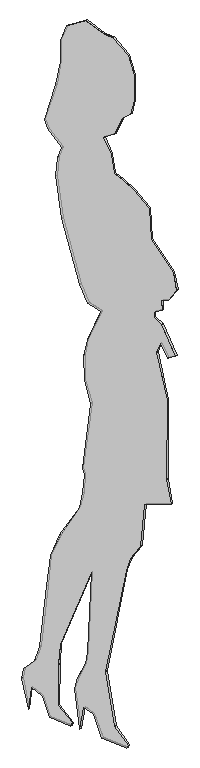
Revit family "ADSK_Антураж_Женщина_04", category Антураж, Revit 2019
Family settings
  На основе рабочей плоскости = Нет
  Всегда вертикально = Да
  При загрузке вырезать с полостями = Нет
  Источник визуального образа = Геометрия семейства
  Общий = Нет
  Точка расчета площади = Нет
Parameters (values of type "Тип")
  Показать чертеж [instance] = yes
  Высота = 0 mm
  Материал = Антураж
  ADSK_Версия семейства = "1.0"  # constant formula
  ADSK_Версия Revit = "v2019"  # constant formula
Reference planes
  plane 1 "Center (Front/Back)": y = 0
  plane 2: z = 0
  plane 3 "Center (Left/Right)": x = 0
  plane 4: z = 1600
Forms (mm)
  Extrusion 1, solid, material "Антураж" <- "Материал"
    sketch origin (0, 0, 0) x (1, 0, 0) y (0, 0, 1)
      loop
        line (-139.875, 1287.964) -> (-124.325, 1192.069) -> (-75.933, 1053.886) -> (-55.421, 1016.029) -> (-21.627, 1007.83) -> (-56.787, 929.071) -> (-65.466, 889.47) -> (-64.084, 831.405) -> (-47.636, 781.326) -> (-69.439, 619.602) -> (-64.456, 608.039) -> (-69.273, 562.38) -> (-77.805, 524.861) -> (-128.769, 442.12) -> (-154.685, 383.851) -> (-163.649, 309.193) -> (-182.059, 159.407) -> (-195.353, 121.943) -> (-224.734, 93.238) -> (-229.313, 68.053) -> (-213.17, 0) -> (-204.223, 55.38) -> (-175.323, 42.662) -> (-157.043, 0) -> (-100.007, 0) -> (-96.674, 8.414) -> (-133.474, 37.89) -> (-132.36, 133.591) -> (-127.969, 183.54) -> (-46.128, 382.587) -> (-56.926, 191.284) -> (-61.55, 162.29) -> (-82.511, 120.63) -> (-91.419, 91.686) -> (-76.061, 0) -> (-65.992, 54.837) -> (-41.476, 48.712) -> (-17.835, 0) -> (48.013, 0) -> (51.549, 8.253) -> (16.556, 40.429) -> (-7.271, 161.659) -> (45.726, 419.137) -> (58.493, 452.322) -> (84.166, 489.642) -> (95.193, 592.035) -> (164.704, 617.752) -> (152.957, 672.174) -> (155.141, 859.768) -> (127.305, 963.902) -> (136.77, 989.712) -> (156.304, 959.755) -> (177.398, 971.89) -> (140.51, 1034.7) -> (119.66, 1043.514) -> (119.804, 1055.894) -> (140.898, 1068.029) -> (139.426, 1091.961) -> (157.901, 1096.879) -> (179.238, 1129.964) -> (171.106, 1167.677) -> (112.725, 1225.845) -> (107.657, 1298.197) -> (64.871, 1327.486) -> (35.495, 1340.208) -> (15.116, 1348.541) -> (7.033, 1390.54) -> (-13.528, 1424.112) -> (16.185, 1440.433) -> (37.191, 1485.903) -> (58.334, 1502.324) -> (67.342, 1539.838) -> (68.019, 1597.925) -> (51.842, 1640.018) -> (10.281, 1669.55) -> (-14.478, 1669.838) -> (-60.518, 1682.755) -> (-110.849, 1654.293) -> (-127.996, 1613.064) -> (-128.578, 1563.071) -> (-140.583, 1503.568) -> (-170.035, 1411.679) -> (-160.473, 1391.923) -> (-123.557, 1360.8) -> (-135.058, 1333.622) -> (-139.875, 1287.964)
    from 0 to 5
Lines and regions (mm)
  model lines
    curve 1: line (0, 150, 0) -> (0, -150, 0)
    curve 2: line (-150, 0, 0) -> (150, 0, 0)
Dimensions and locks
  aligned and locked: level to plane 2
